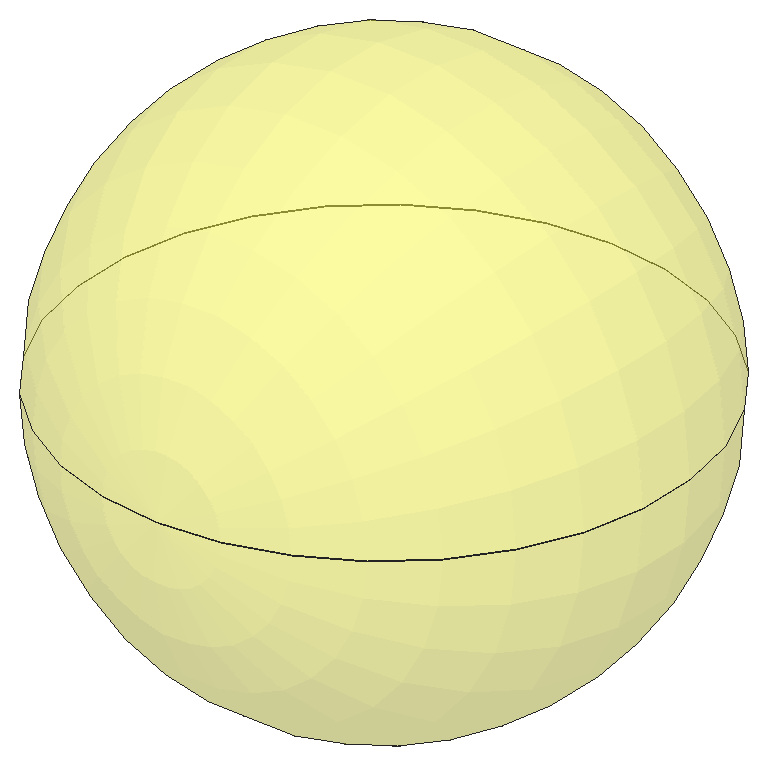
Revit family "ClashPoint_Small", category Обобщенные модели, Revit 2020
Family settings
  Может служить основой для арматурных стержней = Нет
  Размер круглого соединителя = Использовать диаметр
  Тип детали = Нормальный
  На основе рабочей плоскости = Нет
  Всегда вертикально = Да
  При загрузке вырезать с полостями = Нет
  Общий = Нет
  Точка расчета площади = Нет
Parameters (values of type "ClashPoint")
  Отметка по умолчанию = 0 mm
  Комментарии к типоразмеру = "ClashPoint"  # constant formula
  Ключевая пометка = "SYS"  # constant formula
  Группа модели = "Navisworks"  # constant formula
  АК_Создатель [instance] = ""
  АК_Координаты [instance] = ""
  АК_Дата [instance] = ""
  АК_ID_Элемент коллизии №2 [instance] = ""
  АК_ID_Элемент коллизии №1 [instance] = ""
  АК_ID_Экземпляр связи в модели [instance] = ""
Reference planes
  plane 1 "По центру (Вперед/Назад)": y = 0
  plane 2: z = 0
  plane 3 "По центру (Влево/Вправо)": x = 0
Forms (mm)
  Revolve 1, solid, material "NavisWorks_ClashObject"
    sketch origin (0, 0, 0) x (1, 0, 0) y (0, 1, 0)
      loop
        arc (0, 300) -> (-300, 0) -> (0, -300) r 300
        line (0, -300) -> (0, 300)
      axis (0, 300) -> (0, -300)
    angle from 0 to 360
Lines and regions (mm)
  model lines, style "NavisWorks_ClashPoint"
    curve 1: circle (0, 0, 0) r 300 normal (0, 0, 1)
    curve 2: circle (0, 0, 0) r 300 normal (0, -1, 0)
    curve 3: circle (0, 0, 0) r 300 normal (1, 0, 0)
    curve 4: line (0, -750, 0) -> (0, 750, 0)
    curve 5: line (-750, 0, 0) -> (750, 0, 0)
    curve 6: line (0, 0, -750) -> (0, 0, 750)
Dimensions and locks
  aligned and locked: level to plane 2
